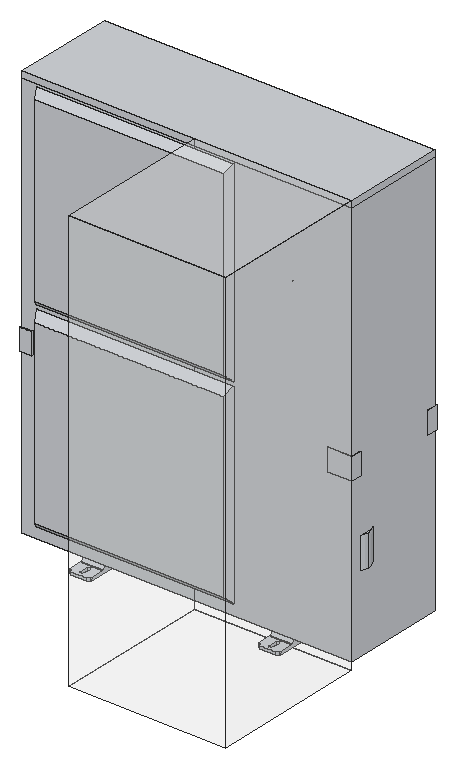
Revit family "pumy-fmp80km3_280hm3_60hz", category 機械設備, Revit 2019
Family settings
  丸型コネクタ寸法 = 直径を使用
  パーツ タイプ = 標準
  OmniClass 番号 = 23.75.10.24.21.27.27
  OmniClass タイトル = Split System Air Conditioning Units
  作業面ベース = いいえ
  常に垂直 = はい
  ロード時にボイドで切り取り = いいえ
  共有 = いいえ
  部屋計算ポイント = いいえ
Parameters (values of type "PUMY-FMP224HM3")
  風量 (㎥/min) = 130
  風量 = [風量 (㎥/min)] * 60.0 m³/h  # 7800.0 m³/h
  音響パワーレベル_暖房 (dB) = 80
  音響パワーレベル_冷房 (dB) = 80
  音響パワーレベル(dB) = [音響パワーレベル_暖房 (dB)]  # 80
  電源種別 = ""
  電源位置Y = 2 mm
  電源位置Z = 1051 mm
  電源位置X = 325 mm
  電圧 = 200 V
  電動機出力_送風機 = 0.3 kW
  電動機出力_圧縮機 = 4.09 kW
  集中コントローラ [instance] = ""
  運転質量 = 0.00 kg
  運転方法 = "冷暖切替"
  質量 = if(製品質量 > 運転質量, 製品質量, 運転質量) * 1.2  # 147.60 kg
  負荷分類 = 1_熱源類
  説明 = "店舗・事務所用マルチＦiｔマルチシリーズ室外機"
  設計暖房能力 [instance] = 0 kW
  設計冷房能力_顕熱 [instance] = 0 kW
  設計冷房能力 [instance] = 0 kW
  設置方法 = "床置形"
  記号 [instance] = ""
  製造元 = "三菱電機株式会社"
  製品質量 = 123.00 kg
  製品出荷対象 = "国内"
  製品リリース年月 = "2026/03/31"
  製品グループ = ""
  系統 [instance] = ""
  符号 = "PAC"
  積算_科目 = "1 空気調和設備"
  積算_拾い区分 [instance] = ""
  相 = 3
  盤記号 [instance] = ""
  発停方法 = "別売リモコン"
  特殊仕様 [instance] = ""
  消費電力_暖房 = 4.98 kW
  消費電力_冷房 = 5.64 kW
  消費電力 = if(消費電力_冷房 > 消費電力_暖房, 消費電力_冷房, 消費電力_暖房)  # 5.64 kW
  法定耐用年数 = "6"
  構成品番 = ""
  極数 = 3
  材質 [instance] = ""
  本体マテリアル = none
  最小電線太さ_mm2 = 8
  最大電流値 = 36 A
  暖房能力 = 22.4 kW
  推奨ブレーカー容量 = 40 A
  据付ピッチ1 = 0 mm
  形式 = "パッケージ形 屋外機"
  形名 = PUMY-FMP-2 : PUMY-FMP-2
  幹線記号 [instance] = ""
  始動方式 = "インバータ"
  呼称 = "パッケージ形空気調和機_屋外機"
  周波数 = 60 Hz
  冷媒管（液）位置Z = 450 mm
  冷媒管位置Z_上面 = 373 mm
  冷媒管（ガス）位置Z = 393 mm
  冷媒液管_半径 = (冷媒液管径) / 2  # 4.76 mm
  冷媒ガス管_半径 = (冷媒ガス管径) / 2  # 11.1 mm
  価格 = 0
  ドレン　位置Z = 19 mm
  ドレン　位置Y = 125 mm
  ドレン　位置X = 110 mm
  アンカーボルト位置Y = 370 mm
  アンカーボルト位置X = 600 mm
  参照している仕様書等のバージョン = "公共建築物標準仕様書（機械設備工事編）平成31年度版"
  分類コード = "5.0053E+13"
  分類グループ = ""
  冷房能力 = 20 kW
  冷媒管（ガス）位置X = 483 mm
  冷媒管（液）位置X = 422 mm
  冷媒管（液）位置Y = 125 mm
  冷媒管（ガス）位置Y = 109 mm
  冷媒管長 [instance] = 0 mm
  冷媒管径符号 = "Bf"
  冷媒管径 = 100.00 mm
  冷媒管位置Z = 273 mm
  冷媒管位置Y = 109 mm
  冷媒管位置X = 483 mm
  冷媒液管径 = 9.52 mm
  冷媒ガス管径 = 22.20 mm
  企業コード = "108420"
  付属品 [instance] = ""
  ユニット数 = 1
  ユニット3 = no
  ユニット2 = no
  モデル = "PUMY-FMP224HM3"
  ドレン管径 = 33.00 mm
  サービススペース = yes
  コメント [instance] = ""
  ケーブル種類1 = ""
  【値が 0 の項目は組合せ形名にてご確認ください】 = ""
  Width = 1050 mm
  Version = ""
  Uniclass2015Version = "Systems v1.9"
  Uniclass2015Title = "Split coil remote air cooled condensing units"
  Uniclass2015Code = "Pr_70_65_03_84"
  URL = "https://www.mitsubishielectric.co.jp/ldg/wink/qr/002/357211/"
  SpecificationReference = ""
  SpecificationDescription = ""
  Revision = ""
  ProductInformation = ""
  OmniClassCode = "23-33 17 13 11"
  IfcTypeProduct = ""
  IfcProduct = ""
  IfcExportType = "AIRCONDITIONINGUNIT"
  IfcExportAs = "IfcUnitaryEquipmentType"
  Height = 1338 mm
  Depth = 330 mm
  Clearance Top = 0 mm
  Clearance Right = 0 mm
  Clearance Left = 0 mm
  Clearance Front = 500 mm
  Clearance Bottom = 0 mm
  Clearance Back = 0 mm
  COP_暖房 = 4.49
  COP_冷房 = 3.54
  COP = (COP_冷房 + COP_暖房) / 2  # 4.015
  BLCJ仕様バージョン = "2.0"
  Author = "三菱電機株式会社"
  APF = 0
Reference planes
  plane 1 "中心(正面/背面)": y = 74
  plane 2: z = 0
  plane 3 "中心(左/右)": x = 830
  plane 4 "右": x = 1355
  plane 5 "左": x = 305
  plane 6 "背面": y = 239
  plane 7 "正面": y = -91
  plane 8 "上部": z = 1338
  plane 9 "Clearanse Top": z = 1338
  plane 10 "SS_back": y = 239
  plane 11 "SS_front": y = -591
  plane 12 "SS_left": x = 305
  plane 13 "SS_right": x = 1355
  plane 14: z = 0
  plane 15: y = -89
  plane 16: x = 1155
  plane 17: z = 1051
  plane 18: x = 1313
  plane 19: z = 26
  plane 20: z = 19
  plane 21: x = 530
  plane 22: x = 1130
  plane 23: y = 254.4
  plane 24: y = -115.6
  plane 25 "ガス管": z = 393
  plane 26 "液管": z = 450
  plane 27: y = -51
  plane 28: y = -35
  plane 29 "冷媒管": z = 273
  plane 30: y = -35
  plane 31: z = 373
  plane 32: x = 1313
  plane 33: x = 1252
  plane 34: x = 460
  plane 35: x = 620
  plane 36: x = 780
  plane 37: y = 199
  plane 38: x = 940
  plane 39: y = 199
  plane 40: x = 350
Forms (mm)
  Extrusion 1, solid, detail levels fine
    sketch origin (0, -91, 0) x (1, 0, 0) y (0, 0, 1)
      loop
        circle (1155, 1051) r 13.5
    from -12 to -2
  Extrusion 2, solid, detail levels fine
    sketch origin (-1437.329, -1524, 54) x (-1, 0, 0) y (0, -1, 0)
      loop
        circle (-1787.329, -1587) r 16.5
      loop
        circle (-1897.329, -1723) r 16.5
      loop
        circle (-2057.329, -1723) r 16.5
      loop
        circle (-2217.329, -1723) r 16.5
      loop
        circle (-2377.329, -1723) r 16.5
    from -35 to -28
  Extrusion 3, solid, detail levels fine
    sketch origin (0, 0, 273) x (-1, 0, 0) y (0, -1, 0)
      loop
        circle (-1313, 35) r 50
    from 0 to 100
Dimensions and locks
  "Depth": plane 7 "正面" to plane 6 "背面"
  "Width": plane 5 "左" to plane 4 "右"
  equal spacing: plane 5 "左", plane 3 "中心(左/右)", plane 4 "右"
  "Clearance Left": plane 12 "SS_left" to plane 5 "左"
  "Clearance Right": plane 4 "右" to plane 13 "SS_right"
  "Clearance Back": plane 6 "背面" to plane 10 "SS_back"
  "Clearance Front": plane 11 "SS_front" to plane 7 "正面"
  "Height": plane 8 "上部" to level
  "Clearance Top": plane 9 "Clearanse Top" to plane 8 "上部"
  "Clearance Bottom": level to plane 14
  "電源位置X": plane 3 "中心(左/右)" to plane 16
  "電源位置Y": plane 7 "正面" to plane 15
  "電源位置Z": plane 17 to level
  "冷媒管位置X": plane 3 "中心(左/右)" to plane 18
  "アンカーボルト位置Y": plane 24 to plane 23
  equal spacing: plane 21, plane 3 "中心(左/右)", plane 22
  "アンカーボルト位置X": plane 21 to plane 22
  plane 5 "左" to plane 21 = 225 mm
  plane 7 "正面" to plane 27 = 40 mm
  plane 7 "正面" to plane 28 = 56 mm
  "冷媒管（ガス）位置Y": plane 28 to plane 1 "中心(正面/背面)"
  "冷媒管（液）位置Y": plane 27 to plane 1 "中心(正面/背面)"
  "冷媒管（ガス）位置Z": plane 25 "ガス管" to level
  "冷媒管（液）位置Z": plane 26 "液管" to level
  "冷媒管位置Z": plane 29 "冷媒管" to level
  "冷媒管位置Y": plane 30 to plane 1 "中心(正面/背面)"
  "冷媒管位置Z_上面": plane 31 to level
  plane 19 to level = 26 mm
  "冷媒管（ガス）位置X": plane 3 "中心(左/右)" to plane 32
  "冷媒管（液）位置X": plane 3 "中心(左/右)" to plane 33
  "ドレン　位置Z": plane 20 to level
  plane 34 to plane 35 to plane 36 = 160 mm locked, 160 mm locked
  "ドレン　位置X": plane 3 "中心(左/右)" to plane 38
  "ドレン　位置Y": plane 1 "中心(正面/背面)" to plane 39
  "ドレン　位置Y": plane 1 "中心(正面/背面)" to plane 37
  locked: Extrusion 2 sketch curve to plane 37 at 136
  locked: plane 40 to plane 34 at 110
  locked: plane 36 to plane 38 at 160
  plane 32 to nested 1 = 42 mm
  plane 33 to plane 32 = 61 mm
  radius of Extrusion 1 sketch curve = 13.5 mm
  "ドレン管径": diameter of Extrusion 2 sketch curve  (x5)
  "冷媒管径": diameter of Extrusion 3 sketch curve
  aligned and locked: level to plane 2
  aligned and locked: plane 13 "SS_right" to nested 1
  aligned and locked: nested 1 to plane 13 "SS_right"
  aligned and locked: plane 11 "SS_front" to nested 1
  aligned and locked: plane 9 "Clearanse Top" to nested 1
  aligned and locked: plane 14 to nested 1
  aligned and locked: plane 17 to Extrusion 1 sketch curve
  aligned and locked: plane 16 to Extrusion 1 sketch curve
  aligned and locked: plane 15 to Extrusion 1
  aligned and locked: plane 19 to Extrusion 2
  aligned and locked: Extrusion 2 to plane 20
  aligned and locked: plane 21 to nested 2
  aligned and locked: plane 23 to nested 2
  aligned and locked: Extrusion 3 to plane 29 "冷媒管"
  aligned and locked: plane 31 to Extrusion 3
  aligned and locked: plane 1 "中心(正面/背面)" to nested 3
  aligned and locked: plane 3 "中心(左/右)" to nested 3
  aligned and locked: plane 18 to Extrusion 3 sketch curve
  aligned and locked: plane 30 to Extrusion 3 sketch curve
  aligned and locked: plane 7 "正面" to nested 1
  aligned and locked: plane 34 to Extrusion 2 sketch curve
  aligned and locked: plane 35 to Extrusion 2 sketch curve
  aligned and locked: plane 36 to Extrusion 2 sketch curve
  aligned and locked: plane 37 to Extrusion 2 sketch curve  (x4)
  aligned and locked: plane 40 to Extrusion 2 sketch curve
  aligned and locked: plane 38 to Extrusion 2 sketch curve
Nested families
  nested 1: "サービススペース" at (1105, -341, 669), visible <- "サービススペース", type "サービススペース"
    with Width 500 mm, Height 1338 mm, Depth 500 mm
  nested 2: "固定点" at (530, -115.6, 0), type "固定点"
    with W 600 mm, D 370 mm
  nested 3: "PUMY-FMP-2" at (830, 74, 0), type <- "形名", type "PUMY-FMP-2"
    with 表示 yes, W 1050 mm, H 1338 mm, D 330 mm
Connectors
  electrical at (1155, -89, 1051), driven by "極数", driven by "負荷分類", driven by "電圧", driven by "消費電力"
    settings: on Extrusion 1, index 2, voltage 200 V, apparent load 5640 VA, apparent load phase1 0 VA, apparent load phase2 0 VA, apparent load phase3 0 VA, power factor 1, load classification "1_熱源類", number of poles 3, system type 30, power factor state 1, is connector primary yes, connector utility no, sub classification motor no, connector description ""
  piping at (1313, -35, 273), diameter 100, driven by "冷媒管径"
    settings: on Extrusion 3, index 3, connector inside diameter 609.60 mm, connector length 0 mm, flow factor 0, pipe flow 0.0 L/s, pressure drop 0.0 Pa, fitting loss kfactor 0, connector angle 0.00°, fixture units 0, engagement length 0 mm, angle of deflection 0.00°, flow configuration 1, flow direction 2, fitting loss method 4, system type 7, joint type 0, gender type 0, connector reference index -1, connector utility 0, adjustable connector no, is connector primary yes, connector description "Bd"
Definition of nested family "サービススペース"
  Parameters (values of type "サービススペース")
    Width [instance] = 500 mm
    Height [instance] = 500 mm
    Depth [instance] = 500 mm
  Reference planes
    plane 1 "中心(正面/背面)": y = 0
    plane 2: z = 0
    plane 3 "中心(左/右)": x = 0
    plane 4: y = -250
    plane 5: x = 250
    plane 6: y = 250
    plane 7: x = -250
    plane 8: z = 250
    plane 9: z = -250
  Forms (mm)
    Extrusion 1, solid
      sketch origin (-638.939, 0, 72.39) x (1, 0, 0) y (0, 1, 0)
        loop
          line (388.939, 250) -> (388.939, -250) -> (888.939, -250) -> (888.939, 250) -> (388.939, 250)
      from -322.39 to 177.61
  Lines and regions (mm)
    symbolic lines
      curve 1: line (-250, 0, 250) -> (250, 0, 250)
      curve 2: line (-250, 0, -250) -> (-250, 0, 250)
      curve 3: line (250, 0, -250) -> (-250, 0, -250)
      curve 4: line (250, 0, 250) -> (250, 0, -250)
      curve 5: line (0, -250, 250) -> (0, 250, 250)
      curve 6: line (0, -250, -250) -> (0, -250, 250)
      curve 7: line (0, 250, -250) -> (0, -250, -250)
      curve 8: line (0, 250, 250) -> (0, 250, -250)
      curve 9: line (-250, 250, 0) -> (250, 250, 0)
      curve 10: line (-250, -250, 0) -> (-250, 250, 0)
      curve 11: line (250, -250, 0) -> (-250, -250, 0)
      curve 12: line (250, 250, 0) -> (250, -250, 0)
  Dimensions and locks
    equal spacing: plane 7, plane 3 "中心(左/右)", plane 5
    equal spacing: plane 4, plane 1 "中心(正面/背面)", plane 6
    "Depth": plane 4 to plane 6
    "Width": plane 7 to plane 5
    equal spacing: plane 8, plane 2, plane 9
    "Height": plane 8 to plane 9
    aligned and locked: plane 9 to curve 3
    aligned and locked: plane 7 to curve 2
    aligned and locked: curve 4 to plane 5
    aligned and locked: plane 5 to Extrusion 1
    aligned and locked: Extrusion 1 to plane 7
    aligned and locked: Extrusion 1 to plane 9
    aligned and locked: plane 8 to Extrusion 1
    aligned and locked: plane 9 to curve 7
  Automatic sketch dimensions
    plane 4 to Extrusion 1 sketch curve = 0 mm
    Extrusion 1 sketch curve to plane 7 = 0 mm
    Extrusion 1 sketch curve to plane 5 = 0 mm
    plane 6 to Extrusion 1 sketch curve = 0 mm
    curve 2 to plane 8 = 0 mm
    plane 4 to curve 11 = 0 mm
    curve 11 to plane 7 = 0 mm
    curve 11 to plane 5 = 0 mm
    plane 6 to curve 10 = 0 mm
    curve 7 to plane 4 = 0 mm
    curve 7 to plane 6 = 0 mm
    curve 6 to plane 8 = 0 mm
Definition of nested family "PUMY-FMP-2"
  Parameters (values of type "PUMY-FMP-2")
    H [instance] = 1338 mm  # constant formula
    D [instance] = 330 mm  # constant formula
    マテリアル = none
    表示 [instance] = yes
    W [instance] = 1050 mm  # constant formula
  Reference planes
    plane 1 "中心(正面/背面)": y = 0
    plane 2: z = 0
    plane 3 "中心(左/右)": x = 0
    plane 4: x = 0
    plane 5: z = 1338
    plane 6: x = -525
    plane 7: x = 525
    plane 8: y = 165
    plane 9: y = -165
    plane 10: y = -190
    plane 11: z = 1318
    plane 12: z = 26
  Forms (mm)
    Extrusion 1, solid, material <- "マテリアル", visible <- "表示", detail levels fine
      sketch origin (-1437.329, -1524, 630) x (-1, 0, 0) y (0, -1, 0)
        loop
          line (-1962.329, -1689) -> (-912.329, -1689) -> (-912.329, -1359) -> (-1962.329, -1359) -> (-1962.329, -1689)
      from -604 to 688
    Extrusion 2, solid, material <- "マテリアル", visible <- "表示", detail levels fine
      sketch origin (-1437.329, -1524, 1190) x (-1, 0, 0) y (0, -1, 0)
        loop
          line (-912.329, -1689) -> (-912.329, -1359) -> (-1962.329, -1359) -> (-1962.329, -1689) -> (-912.329, -1689)
      from 128 to 148
    Blend 3, solid, material <- "マテリアル", visible <- "表示", detail levels fine
      base sketch origin (0, 0, 0) x (1, 0, 0) y (0, 0, 1)
        loop
          line (-474.702, 679.454) -> (-474.702, 59.346) -> (148.7, 59.346) -> (148.7, 679.454) -> (-474.702, 679.454)
      top sketch origin (0, 0, 0) x (1, 0, 0) y (0, 0, 1)
        loop
          line (-462.801, 655.9) -> (-462.801, 82.9) -> (136.799, 82.9) -> (136.799, 655.9) -> (-462.801, 655.9)
      from 165 to 190
    Extrusion 4, solid, visible <- "表示", detail levels fine
      sketch origin (-609, 1296.25, 1200) x (0, 1, 0) y (0, 0, 1)
        loop
          line (-1131.716, -1190.1) -> (-1139.978, -1175.791) -> (-1138.943, -1174) -> (-1453.558, -1174) -> (-1452.123, -1176.484) -> (-1459.984, -1190.1)
          arc (-1459.984, -1190.1) -> (-1461.082, -1191.198) -> (-1462.582, -1191.6) r 3
          line (-1462.582, -1191.6) -> (-1462.582, -1200) -> (-1129.118, -1200) -> (-1129.118, -1191.6)
          arc (-1129.118, -1191.6) -> (-1130.618, -1191.198) -> (-1131.716, -1190.1) r 3
      from 274 to 344
    Extrusion 5, solid, material <- "マテリアル", visible <- "表示", detail levels fine
      sketch origin (-1437.329, -1524, 630) x (-1, 0, 0) y (0, -1, 0)
        loop
          line (-965.318, -1689) -> (-1679.923, -1689) -> (-1671.307, -1703.923) -> (-973.933, -1703.923) -> (-965.318, -1689)
      from -387.743 to 677.843
    Extrusion 6, solid, material <- "マテリアル", visible <- "表示", detail levels fine
      sketch origin (-1437.329, -1524, 690.85) x (-1, 0, 0) y (0, -1, 0)
        loop
          line (-909.529, -1691.8) -> (-909.529, -1614.8) -> (-912.329, -1614.8) -> (-912.329, -1689) -> (-947.329, -1689) -> (-947.329, -1691.8) -> (-909.529, -1691.8)
        loop
          line (-909.529, -1356.2) -> (-947.329, -1356.2) -> (-947.329, -1359) -> (-912.329, -1359) -> (-912.329, -1433.2) -> (-909.529, -1433.2) -> (-909.529, -1356.2)
        loop
          line (-1965.129, -1691.8) -> (-1886.229, -1691.8) -> (-1886.229, -1689) -> (-1962.329, -1689) -> (-1962.329, -1656.8) -> (-1965.129, -1656.8) -> (-1965.129, -1691.8)
        loop
          line (-1965.129, -1356.2) -> (-1965.129, -1391.2) -> (-1962.329, -1391.2) -> (-1962.329, -1359) -> (-1886.229, -1359) -> (-1886.229, -1356.2) -> (-1965.129, -1356.2)
      from -148.45 to -79.45
    Blend 7, solid, material <- "マテリアル", visible <- "表示", detail levels fine
      base sketch origin (0, 0, 632.4) x (1, 0, 0) y (0, 0, 1)
        loop
          line (-474.702, 679.454) -> (-474.702, 59.346) -> (148.7, 59.346) -> (148.7, 679.454) -> (-474.702, 679.454)
      top sketch origin (0, 0, 632.4) x (1, 0, 0) y (0, 0, 1)
        loop
          line (-462.801, 655.9) -> (-462.801, 82.9) -> (136.799, 82.9) -> (136.799, 655.9) -> (-462.801, 655.9)
      from 165 to 190
    Extrusion 8, solid, visible <- "表示", detail levels fine
      sketch origin (181, -1524, 207) x (-1, 0, 0) y (0, -1, 0)
        loop
          line (-84, -1357.668) -> (-84, -1314.4)
          arc (-84, -1314.4) -> (-84.879, -1312.279) -> (-87, -1311.4) r 3
          line (-87, -1311.4) -> (-89, -1311.4)
          arc (-89, -1311.4) -> (-90.464, -1307.864) -> (-94, -1306.4) r 5
          line (-94, -1306.4) -> (-144, -1306.4)
          arc (-144, -1306.4) -> (-147.536, -1307.864) -> (-149, -1311.4) r 5
          line (-149, -1311.4) -> (-151, -1311.4)
          arc (-151, -1311.4) -> (-153.121, -1312.279) -> (-154, -1314.4) r 3
          line (-154, -1314.4) -> (-154, -1357.668) -> (-84, -1357.668)
        loop
          arc (-125, -1344.4) -> (-119, -1350.4) -> (-113, -1344.4) r 6
          line (-113, -1344.4) -> (-113, -1320.4)
          arc (-113, -1320.4) -> (-119, -1314.4) -> (-125, -1320.4) r 6
          line (-125, -1320.4) -> (-125, -1344.4)
        loop
          line (516, -1357.668) -> (516, -1314.4)
          arc (516, -1314.4) -> (515.121, -1312.279) -> (513, -1311.4) r 3
          line (513, -1311.4) -> (511, -1311.4)
          arc (511, -1311.4) -> (509.536, -1307.864) -> (506, -1306.4) r 5
          line (506, -1306.4) -> (456, -1306.4)
          arc (456, -1306.4) -> (452.464, -1307.864) -> (451, -1311.4) r 5
          line (451, -1311.4) -> (449, -1311.4)
          arc (449, -1311.4) -> (446.879, -1312.279) -> (446, -1314.4) r 3
          line (446, -1314.4) -> (446, -1357.668) -> (516, -1357.668)
        loop
          arc (475, -1344.4) -> (481, -1350.4) -> (487, -1344.4) r 6
          line (487, -1344.4) -> (487, -1320.4)
          arc (487, -1320.4) -> (481, -1314.4) -> (475, -1320.4) r 6
          line (475, -1320.4) -> (475, -1344.4)
        loop
          line (-84, -1691.132) -> (-154, -1691.132) -> (-154, -1715.4)
          arc (-154, -1715.4) -> (-153.121, -1717.521) -> (-151, -1718.4) r 3
          line (-151, -1718.4) -> (-149, -1718.4)
          arc (-149, -1718.4) -> (-147.536, -1721.936) -> (-144, -1723.4) r 5
          line (-144, -1723.4) -> (-130, -1723.4)
          arc (-130, -1723.4) -> (-126.464, -1721.936) -> (-125, -1718.4) r 5
          line (-125, -1718.4) -> (-125, -1704.4)
          arc (-125, -1704.4) -> (-119, -1698.4) -> (-113, -1704.4) r 6
          line (-113, -1704.4) -> (-113, -1718.4)
          arc (-113, -1718.4) -> (-111.536, -1721.936) -> (-108, -1723.4) r 5
          line (-108, -1723.4) -> (-94, -1723.4)
          arc (-94, -1723.4) -> (-90.464, -1721.936) -> (-89, -1718.4) r 5
          line (-89, -1718.4) -> (-87, -1718.4)
          arc (-87, -1718.4) -> (-84.879, -1717.521) -> (-84, -1715.4) r 3
          line (-84, -1715.4) -> (-84, -1691.132)
        loop
          line (516, -1691.132) -> (446, -1691.132) -> (446, -1715.4)
          arc (446, -1715.4) -> (446.879, -1717.521) -> (449, -1718.4) r 3
          line (449, -1718.4) -> (451, -1718.4)
          arc (451, -1718.4) -> (452.464, -1721.936) -> (456, -1723.4) r 5
          line (456, -1723.4) -> (470, -1723.4)
          arc (470, -1723.4) -> (473.536, -1721.936) -> (475, -1718.4) r 5
          line (475, -1718.4) -> (475, -1704.4)
          arc (475, -1704.4) -> (481, -1698.4) -> (487, -1704.4) r 6
          line (487, -1704.4) -> (487, -1718.4)
          arc (487, -1718.4) -> (488.464, -1721.936) -> (492, -1723.4) r 5
          line (492, -1723.4) -> (506, -1723.4)
          arc (506, -1723.4) -> (509.536, -1721.936) -> (511, -1718.4) r 5
          line (511, -1718.4) -> (513, -1718.4)
          arc (513, -1718.4) -> (515.121, -1717.521) -> (516, -1715.4) r 3
          line (516, -1715.4) -> (516, -1691.132)
      from -207 to -198.6
    Extrusion 9, solid, visible <- "表示", detail levels fine
      sketch origin (-9, 1296.25, 1200) x (0, 1, 0) y (0, 0, 1)
        loop
          line (-1131.716, -1190.1) -> (-1139.978, -1175.791) -> (-1138.943, -1174) -> (-1453.558, -1174) -> (-1452.123, -1176.484) -> (-1459.984, -1190.1)
          arc (-1459.984, -1190.1) -> (-1461.082, -1191.198) -> (-1462.582, -1191.6) r 3
          line (-1462.582, -1191.6) -> (-1462.582, -1200) -> (-1129.118, -1200) -> (-1129.118, -1191.6)
          arc (-1129.118, -1191.6) -> (-1130.618, -1191.198) -> (-1131.716, -1190.1) r 3
      from 274 to 344
  Cuts and joins
    joined: Extrusion 1, Extrusion 6
    joined: Extrusion 4, Extrusion 8, Extrusion 9
  Lines and regions (mm)
    Masking region 1, visible <- "表示", detail levels coarse+medium
      outline origin (0, 0, 0) x (1, 0, 0) y (0, 1, 0)
        loop
          line (525, 165) -> (335, 165) -> (335, 199.4) -> (265, 199.4) -> (265, 165) -> (242.594, 165) -> (233.978, 179.923) -> (-265, 179.923) -> (-265, 199.4) -> (-335, 199.4) -> (-335, 179.923) -> (-463.396, 179.923) -> (-472.012, 165) -> (-525, 165) -> (-525, -165) -> (-474.702, -165) -> (-462.801, -190) -> (-335, -190) -> (-335, -217.6) -> (-265, -217.6) -> (-265, -190) -> (136.799, -190) -> (148.7, -165) -> (265, -165) -> (265, -217.6) -> (335, -217.6) -> (335, -165) -> (525, -165) -> (525, 165)
    model lines, visible <- "表示", detail levels fine
      curve 1: line (480.3, 131.243, 1338) -> (-479.7, 131.243, 1338)
      curve 2: line (480.3, 48.757, 1338) -> (-479.7, 48.757, 1338)
      curve 3: line (-495.943, 115, 1338) -> (-495.943, 65, 1338)
      curve 4: line (496.543, 65, 1338) -> (496.543, 115, 1338)
      curve 5: line (-462.801, -190, 367.906) -> (136.799, -190, 367.906)
      curve 6: line (-190.601, -190, 655.9) -> (-190.601, -190, 82.9)
      curve 15: arc (-479.7, 131.243, 1338) -> (-491.185, 126.485, 1338) -> (-495.943, 115, 1338) r 16.243
      curve 16: arc (-495.943, 65, 1338) -> (-491.185, 53.515, 1338) -> (-479.7, 48.757, 1338) r 16.243
      curve 17: arc (496.543, 115, 1338) -> (491.785, 126.485, 1338) -> (480.3, 131.243, 1338) r 16.243
      curve 18: arc (496.543, 65, 1338) -> (491.785, 53.515, 1338) -> (480.3, 48.757, 1338) r 16.243
      curve 19: line (480.3, 41.243, 1338) -> (-479.7, 41.243, 1338)
      curve 20: line (480.3, -41.243, 1338) -> (-479.7, -41.243, 1338)
      curve 21: line (-495.943, 25, 1338) -> (-495.943, -25, 1338)
      curve 22: line (496.543, -25, 1338) -> (496.543, 25, 1338)
      curve 31: arc (-479.7, 41.243, 1338) -> (-491.185, 36.485, 1338) -> (-495.943, 25, 1338) r 16.243
      curve 32: arc (-495.943, -25, 1338) -> (-491.185, -36.485, 1338) -> (-479.7, -41.243, 1338) r 16.243
      curve 33: arc (496.543, 25, 1338) -> (491.785, 36.485, 1338) -> (480.3, 41.243, 1338) r 16.243
      curve 34: arc (496.543, -25, 1338) -> (491.785, -36.485, 1338) -> (480.3, -41.243, 1338) r 16.243
      curve 35: line (480.3, -48.757, 1338) -> (-479.7, -48.757, 1338)
      curve 36: line (480.3, -131.243, 1338) -> (-479.7, -131.243, 1338)
      curve 37: line (-495.943, -65, 1338) -> (-495.943, -115, 1338)
      curve 38: line (496.543, -115, 1338) -> (496.543, -65, 1338)
      curve 47: arc (-479.7, -48.757, 1338) -> (-491.185, -53.515, 1338) -> (-495.943, -65, 1338) r 16.243
      curve 48: arc (-495.943, -115, 1338) -> (-491.185, -126.485, 1338) -> (-479.7, -131.243, 1338) r 16.243
      curve 49: arc (496.543, -65, 1338) -> (491.785, -53.515, 1338) -> (480.3, -48.757, 1338) r 16.243
      curve 50: arc (496.543, -115, 1338) -> (491.785, -126.485, 1338) -> (480.3, -131.243, 1338) r 16.243
      curve 51: line (-462.801, -190, 462.9) -> (136.799, -190, 462.9)
      curve 52: line (-462.801, -190, 557.9) -> (136.799, -190, 557.9)
      curve 53: line (-462.801, -190, 272.9) -> (136.799, -190, 272.9)
      curve 54: line (-462.801, -190, 177.906) -> (136.799, -190, 177.906)
      curve 55: line (-179.201, -190, 655.9) -> (-179.201, -190, 82.9)
      curve 56: line (-167.801, -190, 655.9) -> (-167.801, -190, 82.9)
      curve 57: line (-156.401, -190, 655.9) -> (-156.401, -190, 82.9)
      curve 58: line (-145.001, -190, 655.9) -> (-145.001, -190, 82.9)
      curve 59: line (-133.601, -190, 655.9) -> (-133.601, -190, 82.9)
      curve 60: line (-122.201, -190, 655.9) -> (-122.201, -190, 82.9)
      curve 61: line (-110.801, -190, 655.9) -> (-110.801, -190, 82.9)
      curve 62: line (-99.401, -190, 655.9) -> (-99.401, -190, 82.9)
      curve 63: line (-88.001, -190, 655.9) -> (-88.001, -190, 82.9)
      curve 64: line (-76.601, -190, 655.9) -> (-76.601, -190, 82.9)
      curve 65: line (-65.201, -190, 655.9) -> (-65.201, -190, 82.9)
      curve 66: line (-53.801, -190, 655.9) -> (-53.801, -190, 82.9)
      curve 67: line (-42.401, -190, 655.9) -> (-42.401, -190, 82.9)
      curve 68: line (-31.001, -190, 655.9) -> (-31.001, -190, 82.9)
      curve 69: line (-19.601, -190, 655.9) -> (-19.601, -190, 82.9)
      curve 70: line (-8.201, -190, 655.9) -> (-8.201, -190, 82.9)
      curve 71: line (3.199, -190, 655.9) -> (3.199, -190, 82.9)
      curve 72: line (14.599, -190, 655.9) -> (14.599, -190, 82.9)
      curve 73: line (25.999, -190, 655.9) -> (25.999, -190, 82.9)
      curve 74: line (37.399, -190, 655.9) -> (37.399, -190, 82.9)
      curve 75: line (48.799, -190, 655.9) -> (48.799, -190, 82.9)
      curve 76: line (60.199, -190, 655.9) -> (60.199, -190, 82.9)
      curve 77: line (-202.001, -190, 655.9) -> (-202.001, -190, 82.9)
      curve 78: line (-213.401, -190, 655.9) -> (-213.401, -190, 82.9)
      curve 79: line (-224.801, -190, 655.9) -> (-224.801, -190, 82.9)
      curve 80: line (-236.201, -190, 655.9) -> (-236.201, -190, 82.9)
      curve 81: line (-247.601, -190, 655.9) -> (-247.601, -190, 82.9)
      curve 82: line (-259.001, -190, 655.9) -> (-259.001, -190, 82.9)
      curve 83: line (-270.401, -190, 655.9) -> (-270.401, -190, 82.9)
      curve 84: line (-281.801, -190, 655.9) -> (-281.801, -190, 82.9)
      curve 85: line (-293.201, -190, 655.9) -> (-293.201, -190, 82.9)
      curve 86: line (-304.601, -190, 655.9) -> (-304.601, -190, 82.9)
      curve 87: line (-316.001, -190, 655.9) -> (-316.001, -190, 82.9)
      curve 88: line (-327.401, -190, 655.9) -> (-327.401, -190, 82.9)
      curve 89: line (-338.801, -190, 655.9) -> (-338.801, -190, 82.9)
      curve 90: line (-350.201, -190, 655.9) -> (-350.201, -190, 82.9)
      curve 91: line (-361.601, -190, 655.9) -> (-361.601, -190, 82.9)
      curve 92: line (-373.001, -190, 655.9) -> (-373.001, -190, 82.9)
      curve 93: line (-384.401, -190, 655.9) -> (-384.401, -190, 82.9)
      curve 94: line (-395.801, -190, 655.9) -> (-395.801, -190, 82.9)
      curve 95: line (-407.201, -190, 655.9) -> (-407.201, -190, 82.9)
      curve 96: line (-418.601, -190, 655.9) -> (-418.601, -190, 82.9)
      curve 97: line (-430.001, -190, 655.9) -> (-430.001, -190, 82.9)
      curve 98: line (-439.001, -190, 655.9) -> (-439.001, -190, 82.9)
      curve 99: line (-448.001, -190, 655.9) -> (-448.001, -190, 82.9)
      curve 100: line (-457.001, -190, 655.9) -> (-457.001, -190, 82.9)
      curve 101: line (166, -165, 26) -> (166, -165, 1318)
      curve 102: line (166, -165, 184) -> (525, -165, 184)
      curve 103: line (166, -165, 207) -> (525, -165, 207)
      curve 104: line (-525, -47, 93) -> (-525, -35, 93)
      curve 105: line (-525, -35, 288) -> (-525, -47, 288)
      curve 106: line (-525, -24, 104) -> (-525, -24, 277)
      curve 107: line (-525, -58, 104) -> (-525, -58, 277)
      curve 108: arc (-525, -35, 93) -> (-525, -27.222, 96.222) -> (-525, -24, 104) r 11
      curve 109: arc (-525, -58, 104) -> (-525, -54.778, 96.222) -> (-525, -47, 93) r 11
      curve 110: arc (-525, -24, 277) -> (-525, -27.222, 284.778) -> (-525, -35, 288) r 11
      curve 111: arc (-525, -47, 288) -> (-525, -54.778, 284.778) -> (-525, -58, 277) r 11
      curve 112: line (525, 77.328, 256.4) -> (525, 5.672, 256.4)
      curve 113: line (525, 5.672, 256.4) -> (525, 5.672, 269.961)
      curve 114: line (525, 8.672, 272.961) -> (525, 74.328, 272.961)
      curve 115: line (525, 77.328, 269.961) -> (525, 77.328, 256.4)
      curve 116: arc (525, 5.672, 269.961) -> (525, 6.55, 272.083) -> (525, 8.672, 272.961) r 3
      curve 117: arc (525, 74.328, 272.961) -> (525, 76.45, 272.083) -> (525, 77.328, 269.961) r 3
      curve 118: line (525, 165, 207) -> (525, -165, 207)
      curve 119: line (525, 165, 184) -> (525, -165, 184)
      curve 120: line (525, -12, 1318) -> (525, -12, 26)
      curve 121: arc (525, 20.214, 158.65) -> (525, 8.3, 170.564) -> (525, -3.614, 158.65) r 11.914
      curve 122: line (525, -3.614, 158.65) -> (525, -3.614, 48.65)
      curve 123: arc (525, -3.614, 48.65) -> (525, 8.3, 36.736) -> (525, 20.214, 48.65) r 11.914
      curve 124: line (525, 20.214, 48.65) -> (525, 20.214, 158.65)
      curve 125: line (-463.396, 179.923, 775.05) -> (233.978, 179.923, 775.05)
      curve 126: arc (316, 165, 242.257) -> (308.05, 165, 245.55) -> (304.757, 165, 253.5) r 11.243
      curve 127: line (304.757, 165, 253.5) -> (304.757, 165, 1296.6)
      curve 128: arc (304.757, 165, 1296.6) -> (308.05, 165, 1304.55) -> (316, 165, 1307.843) r 11.243
      curve 129: line (316, 165, 1307.843) -> (354, 165, 1307.843)
      curve 130: arc (354, 165, 1307.843) -> (361.95, 165, 1304.55) -> (365.243, 165, 1296.6) r 11.243
      curve 131: line (365.243, 165, 1296.6) -> (365.243, 165, 253.5)
      curve 132: arc (365.243, 165, 253.5) -> (361.95, 165, 245.55) -> (354, 165, 242.257) r 11.243
      curve 133: line (354, 165, 242.257) -> (316, 165, 242.257)
      curve 134: arc (389, 165, 242.257) -> (381.05, 165, 245.55) -> (377.757, 165, 253.5) r 11.243
      curve 135: line (377.757, 165, 253.5) -> (377.757, 165, 1296.6)
      curve 136: arc (377.757, 165, 1296.6) -> (381.05, 165, 1304.55) -> (389, 165, 1307.843) r 11.243
      curve 137: line (389, 165, 1307.843) -> (427, 165, 1307.843)
      curve 138: arc (427, 165, 1307.843) -> (434.95, 165, 1304.55) -> (438.243, 165, 1296.6) r 11.243
      curve 139: line (438.243, 165, 1296.6) -> (438.243, 165, 253.5)
      curve 140: arc (438.243, 165, 253.5) -> (434.95, 165, 245.55) -> (427, 165, 242.257) r 11.243
      curve 141: line (427, 165, 242.257) -> (389, 165, 242.257)
      curve 142: line (525, 165, 207) -> (277.9, 165, 207)
      curve 143: line (277.9, 165, 184) -> (525, 165, 184)
      curve 144: line (277.9, 165, 26) -> (277.9, 165, 1318)
      curve 145: line (-525, -75.4, 26) -> (-525, -75.4, 1318)
      curve 184: line (71.599, -190, 655.9) -> (71.599, -190, 82.9)
      curve 185: line (82.999, -190, 655.9) -> (82.999, -190, 82.9)
      curve 186: line (94.399, -190, 655.9) -> (94.399, -190, 82.9)
      curve 187: line (105.799, -190, 655.9) -> (105.799, -190, 82.9)
      curve 188: line (114.799, -190, 655.9) -> (114.799, -190, 82.9)
      curve 189: line (123.799, -190, 655.9) -> (123.799, -190, 82.9)
      curve 190: line (132.799, -190, 655.9) -> (132.799, -190, 82.9)
      curve 191: line (-462.801, -190, 1000.306) -> (136.799, -190, 1000.306)
      curve 192: line (-190.601, -190, 1288.3) -> (-190.601, -190, 715.3)
      curve 193: line (-462.801, -190, 1095.3) -> (136.799, -190, 1095.3)
      curve 194: line (-462.801, -190, 1190.3) -> (136.799, -190, 1190.3)
      curve 195: line (-462.801, -190, 905.3) -> (136.799, -190, 905.3)
      curve 196: line (-462.801, -190, 810.306) -> (136.799, -190, 810.306)
      curve 197: line (-179.201, -190, 1288.3) -> (-179.201, -190, 715.3)
      curve 198: line (-167.801, -190, 1288.3) -> (-167.801, -190, 715.3)
      curve 199: line (-156.401, -190, 1288.3) -> (-156.401, -190, 715.3)
      curve 200: line (-145.001, -190, 1288.3) -> (-145.001, -190, 715.3)
      curve 201: line (-133.601, -190, 1288.3) -> (-133.601, -190, 715.3)
      curve 202: line (-122.201, -190, 1288.3) -> (-122.201, -190, 715.3)
      curve 203: line (-110.801, -190, 1288.3) -> (-110.801, -190, 715.3)
      curve 204: line (-99.401, -190, 1288.3) -> (-99.401, -190, 715.3)
      curve 205: line (-88.001, -190, 1288.3) -> (-88.001, -190, 715.3)
      curve 206: line (-76.601, -190, 1288.3) -> (-76.601, -190, 715.3)
      curve 207: line (-65.201, -190, 1288.3) -> (-65.201, -190, 715.3)
      curve 208: line (-53.801, -190, 1288.3) -> (-53.801, -190, 715.3)
      curve 209: line (-42.401, -190, 1288.3) -> (-42.401, -190, 715.3)
      curve 210: line (-31.001, -190, 1288.3) -> (-31.001, -190, 715.3)
      curve 211: line (-19.601, -190, 1288.3) -> (-19.601, -190, 715.3)
      curve 212: line (-8.201, -190, 1288.3) -> (-8.201, -190, 715.3)
      curve 213: line (3.199, -190, 1288.3) -> (3.199, -190, 715.3)
      curve 214: line (14.599, -190, 1288.3) -> (14.599, -190, 715.3)
      curve 215: line (25.999, -190, 1288.3) -> (25.999, -190, 715.3)
      curve 216: line (37.399, -190, 1288.3) -> (37.399, -190, 715.3)
      curve 217: line (48.799, -190, 1288.3) -> (48.799, -190, 715.3)
      curve 218: line (60.199, -190, 1288.3) -> (60.199, -190, 715.3)
      curve 219: line (-202.001, -190, 1288.3) -> (-202.001, -190, 715.3)
      curve 220: line (-213.401, -190, 1288.3) -> (-213.401, -190, 715.3)
      curve 221: line (-224.801, -190, 1288.3) -> (-224.801, -190, 715.3)
      curve 222: line (-236.201, -190, 1288.3) -> (-236.201, -190, 715.3)
      curve 223: line (-247.601, -190, 1288.3) -> (-247.601, -190, 715.3)
      curve 224: line (-259.001, -190, 1288.3) -> (-259.001, -190, 715.3)
      curve 225: line (-270.401, -190, 1288.3) -> (-270.401, -190, 715.3)
      curve 226: line (-281.801, -190, 1288.3) -> (-281.801, -190, 715.3)
      curve 227: line (-293.201, -190, 1288.3) -> (-293.201, -190, 715.3)
      curve 228: line (-304.601, -190, 1288.3) -> (-304.601, -190, 715.3)
      curve 229: line (-316.001, -190, 1288.3) -> (-316.001, -190, 715.3)
      curve 230: line (-327.401, -190, 1288.3) -> (-327.401, -190, 715.3)
      curve 231: line (-338.801, -190, 1288.3) -> (-338.801, -190, 715.3)
      curve 232: line (-350.201, -190, 1288.3) -> (-350.201, -190, 715.3)
      curve 233: line (-361.601, -190, 1288.3) -> (-361.601, -190, 715.3)
      curve 234: line (-373.001, -190, 1288.3) -> (-373.001, -190, 715.3)
      curve 235: line (-384.401, -190, 1288.3) -> (-384.401, -190, 715.3)
      curve 236: line (-395.801, -190, 1288.3) -> (-395.801, -190, 715.3)
      curve 237: line (-407.201, -190, 1288.3) -> (-407.201, -190, 715.3)
      curve 238: line (-418.601, -190, 1288.3) -> (-418.601, -190, 715.3)
      curve 239: line (-430.001, -190, 1288.3) -> (-430.001, -190, 715.3)
      curve 240: line (-439.001, -190, 1288.3) -> (-439.001, -190, 715.3)
      curve 241: line (-448.001, -190, 1288.3) -> (-448.001, -190, 715.3)
      curve 242: line (-457.001, -190, 1288.3) -> (-457.001, -190, 715.3)
      curve 243: line (71.599, -190, 1288.3) -> (71.599, -190, 715.3)
      curve 244: line (82.999, -190, 1288.3) -> (82.999, -190, 715.3)
      curve 245: line (94.399, -190, 1288.3) -> (94.399, -190, 715.3)
      curve 246: line (105.799, -190, 1288.3) -> (105.799, -190, 715.3)
      curve 247: line (114.799, -190, 1288.3) -> (114.799, -190, 715.3)
      curve 248: line (123.799, -190, 1288.3) -> (123.799, -190, 715.3)
      curve 249: line (132.799, -190, 1288.3) -> (132.799, -190, 715.3)
      curve 250: line (212.757, -165, 1084) -> (212.757, -165, 253.6)
      curve 251: arc (212.757, -165, 253.6) -> (216.05, -165, 245.65) -> (224, -165, 242.357) r 11.243
      curve 252: line (224, -165, 242.357) -> (330, -165, 242.357)
      curve 253: arc (330, -165, 242.357) -> (337.95, -165, 245.65) -> (341.243, -165, 253.6) r 11.243
      curve 254: line (341.243, -165, 253.6) -> (341.243, -165, 1084)
      curve 255: arc (212.757, -165, 1084) -> (216.05, -165, 1091.95) -> (224, -165, 1095.243) r 11.243
      curve 256: line (224, -165, 1095.243) -> (330, -165, 1095.243)
      curve 257: arc (330, -165, 1095.243) -> (337.95, -165, 1091.95) -> (341.243, -165, 1084) r 11.243
      curve 261: line (-525, 0, 93) -> (-525, 12, 93)
      curve 262: line (-525, 12, 288) -> (-525, 0, 288)
      curve 263: line (-525, 23, 104) -> (-525, 23, 277)
      curve 264: line (-525, -11, 104) -> (-525, -11, 277)
      curve 265: arc (-525, 12, 93) -> (-525, 19.778, 96.222) -> (-525, 23, 104) r 11
      curve 266: arc (-525, -11, 104) -> (-525, -7.778, 96.222) -> (-525, 0, 93) r 11
      curve 267: arc (-525, 23, 277) -> (-525, 19.778, 284.778) -> (-525, 12, 288) r 11
      curve 268: arc (-525, 0, 288) -> (-525, -7.778, 284.778) -> (-525, -11, 277) r 11
      curve 269: line (-525, 47, 93) -> (-525, 59, 93)
      curve 270: line (-525, 59, 288) -> (-525, 47, 288)
      curve 271: line (-525, 70, 104) -> (-525, 70, 277)
      curve 272: line (-525, 36, 104) -> (-525, 36, 277)
      curve 273: arc (-525, 59, 93) -> (-525, 66.778, 96.222) -> (-525, 70, 104) r 11
      curve 274: arc (-525, 36, 104) -> (-525, 39.222, 96.222) -> (-525, 47, 93) r 11
      curve 275: arc (-525, 70, 277) -> (-525, 66.778, 284.778) -> (-525, 59, 288) r 11
      curve 276: arc (-525, 47, 288) -> (-525, 39.222, 284.778) -> (-525, 36, 277) r 11
      curve 277: line (-525, 94, 93) -> (-525, 106, 93)
      curve 278: line (-525, 106, 288) -> (-525, 94, 288)
      curve 279: line (-525, 117, 104) -> (-525, 117, 277)
      curve 280: line (-525, 83, 104) -> (-525, 83, 277)
      curve 281: arc (-525, 106, 93) -> (-525, 113.778, 96.222) -> (-525, 117, 104) r 11
      curve 282: arc (-525, 83, 104) -> (-525, 86.222, 96.222) -> (-525, 94, 93) r 11
      curve 283: arc (-525, 117, 277) -> (-525, 113.778, 284.778) -> (-525, 106, 288) r 11
      curve 284: arc (-525, 94, 288) -> (-525, 86.222, 284.778) -> (-525, 83, 277) r 11
      curve 285: line (-525, -47, 297) -> (-525, -35, 297)
      curve 286: line (-525, -35, 492) -> (-525, -47, 492)
      curve 287: line (-525, -24, 308) -> (-525, -24, 481)
      curve 288: line (-525, -58, 308) -> (-525, -58, 481)
      curve 289: arc (-525, -35, 297) -> (-525, -27.222, 300.222) -> (-525, -24, 308) r 11
      curve 290: arc (-525, -58, 308) -> (-525, -54.778, 300.222) -> (-525, -47, 297) r 11
      curve 291: arc (-525, -24, 481) -> (-525, -27.222, 488.778) -> (-525, -35, 492) r 11
      curve 292: arc (-525, -47, 492) -> (-525, -54.778, 488.778) -> (-525, -58, 481) r 11
      curve 293: line (-525, 0, 297) -> (-525, 12, 297)
      curve 294: line (-525, 12, 492) -> (-525, 0, 492)
      curve 295: line (-525, 23, 308) -> (-525, 23, 481)
      curve 296: line (-525, -11, 308) -> (-525, -11, 481)
      curve 297: arc (-525, 12, 297) -> (-525, 19.778, 300.222) -> (-525, 23, 308) r 11
      curve 298: arc (-525, -11, 308) -> (-525, -7.778, 300.222) -> (-525, 0, 297) r 11
      curve 299: arc (-525, 23, 481) -> (-525, 19.778, 488.778) -> (-525, 12, 492) r 11
      curve 300: arc (-525, 0, 492) -> (-525, -7.778, 488.778) -> (-525, -11, 481) r 11
      curve 301: line (-525, 47, 297) -> (-525, 59, 297)
      curve 302: line (-525, 59, 492) -> (-525, 47, 492)
      curve 303: line (-525, 70, 308) -> (-525, 70, 481)
      curve 304: line (-525, 36, 308) -> (-525, 36, 481)
      curve 305: arc (-525, 59, 297) -> (-525, 66.778, 300.222) -> (-525, 70, 308) r 11
      curve 306: arc (-525, 36, 308) -> (-525, 39.222, 300.222) -> (-525, 47, 297) r 11
      curve 307: arc (-525, 70, 481) -> (-525, 66.778, 488.778) -> (-525, 59, 492) r 11
      curve 308: arc (-525, 47, 492) -> (-525, 39.222, 488.778) -> (-525, 36, 481) r 11
      curve 309: line (-525, 94, 297) -> (-525, 106, 297)
      curve 310: line (-525, 106, 492) -> (-525, 94, 492)
      curve 311: line (-525, 117, 308) -> (-525, 117, 481)
      curve 312: line (-525, 83, 308) -> (-525, 83, 481)
      curve 313: arc (-525, 106, 297) -> (-525, 113.778, 300.222) -> (-525, 117, 308) r 11
      curve 314: arc (-525, 83, 308) -> (-525, 86.222, 300.222) -> (-525, 94, 297) r 11
      curve 315: arc (-525, 117, 481) -> (-525, 113.778, 488.778) -> (-525, 106, 492) r 11
      curve 316: arc (-525, 94, 492) -> (-525, 86.222, 488.778) -> (-525, 83, 481) r 11
      curve 317: line (-525, -47, 501) -> (-525, -35, 501)
      curve 318: line (-525, -35, 696) -> (-525, -47, 696)
      curve 319: line (-525, -24, 512) -> (-525, -24, 685)
      curve 320: line (-525, -58, 512) -> (-525, -58, 685)
      curve 321: arc (-525, -35, 501) -> (-525, -27.222, 504.222) -> (-525, -24, 512) r 11
      curve 322: arc (-525, -58, 512) -> (-525, -54.778, 504.222) -> (-525, -47, 501) r 11
      curve 323: arc (-525, -24, 685) -> (-525, -27.222, 692.778) -> (-525, -35, 696) r 11
      curve 324: arc (-525, -47, 696) -> (-525, -54.778, 692.778) -> (-525, -58, 685) r 11
      curve 325: line (-525, 0, 501) -> (-525, 12, 501)
      curve 326: line (-525, 12, 696) -> (-525, 0, 696)
      curve 327: line (-525, 23, 512) -> (-525, 23, 685)
      curve 328: line (-525, -11, 512) -> (-525, -11, 685)
      curve 329: arc (-525, 12, 501) -> (-525, 19.778, 504.222) -> (-525, 23, 512) r 11
      curve 330: arc (-525, -11, 512) -> (-525, -7.778, 504.222) -> (-525, 0, 501) r 11
      curve 331: arc (-525, 23, 685) -> (-525, 19.778, 692.778) -> (-525, 12, 696) r 11
      curve 332: arc (-525, 0, 696) -> (-525, -7.778, 692.778) -> (-525, -11, 685) r 11
      curve 333: line (-525, 47, 501) -> (-525, 59, 501)
      curve 334: line (-525, 59, 696) -> (-525, 47, 696)
      curve 335: line (-525, 70, 512) -> (-525, 70, 685)
      curve 336: line (-525, 36, 512) -> (-525, 36, 685)
      curve 337: arc (-525, 59, 501) -> (-525, 66.778, 504.222) -> (-525, 70, 512) r 11
      curve 338: arc (-525, 36, 512) -> (-525, 39.222, 504.222) -> (-525, 47, 501) r 11
      curve 339: arc (-525, 70, 685) -> (-525, 66.778, 692.778) -> (-525, 59, 696) r 11
      curve 340: arc (-525, 47, 696) -> (-525, 39.222, 692.778) -> (-525, 36, 685) r 11
      curve 341: line (-525, -47, 705) -> (-525, -35, 705)
      curve 342: line (-525, -35, 900) -> (-525, -47, 900)
      curve 343: line (-525, -24, 716) -> (-525, -24, 889)
      curve 344: line (-525, -58, 716) -> (-525, -58, 889)
      curve 345: arc (-525, -35, 705) -> (-525, -27.222, 708.222) -> (-525, -24, 716) r 11
      curve 346: arc (-525, -58, 716) -> (-525, -54.778, 708.222) -> (-525, -47, 705) r 11
      curve 347: arc (-525, -24, 889) -> (-525, -27.222, 896.778) -> (-525, -35, 900) r 11
      curve 348: arc (-525, -47, 900) -> (-525, -54.778, 896.778) -> (-525, -58, 889) r 11
      curve 349: line (-525, 0, 705) -> (-525, 12, 705)
      curve 350: line (-525, 12, 900) -> (-525, 0, 900)
      curve 351: line (-525, 23, 716) -> (-525, 23, 889)
      curve 352: line (-525, -11, 716) -> (-525, -11, 889)
      curve 353: arc (-525, 12, 705) -> (-525, 19.778, 708.222) -> (-525, 23, 716) r 11
      curve 354: arc (-525, -11, 716) -> (-525, -7.778, 708.222) -> (-525, 0, 705) r 11
      curve 355: arc (-525, 23, 889) -> (-525, 19.778, 896.778) -> (-525, 12, 900) r 11
      curve 356: arc (-525, 0, 900) -> (-525, -7.778, 896.778) -> (-525, -11, 889) r 11
      curve 357: line (-525, 47, 705) -> (-525, 59, 705)
      curve 358: line (-525, 59, 900) -> (-525, 47, 900)
      curve 359: line (-525, 70, 716) -> (-525, 70, 889)
      curve 360: line (-525, 36, 716) -> (-525, 36, 889)
      curve 361: arc (-525, 59, 705) -> (-525, 66.778, 708.222) -> (-525, 70, 716) r 11
      curve 362: arc (-525, 36, 716) -> (-525, 39.222, 708.222) -> (-525, 47, 705) r 11
      curve 363: arc (-525, 70, 889) -> (-525, 66.778, 896.778) -> (-525, 59, 900) r 11
      curve 364: arc (-525, 47, 900) -> (-525, 39.222, 896.778) -> (-525, 36, 889) r 11
      curve 365: line (-525, 94, 705) -> (-525, 106, 705)
      curve 366: line (-525, 106, 900) -> (-525, 94, 900)
      curve 367: line (-525, 117, 716) -> (-525, 117, 889)
      curve 368: line (-525, 83, 716) -> (-525, 83, 889)
      curve 369: arc (-525, 106, 705) -> (-525, 113.778, 708.222) -> (-525, 117, 716) r 11
      curve 370: arc (-525, 83, 716) -> (-525, 86.222, 708.222) -> (-525, 94, 705) r 11
      curve 371: arc (-525, 117, 889) -> (-525, 113.778, 896.778) -> (-525, 106, 900) r 11
      curve 372: arc (-525, 94, 900) -> (-525, 86.222, 896.778) -> (-525, 83, 889) r 11
      curve 373: line (-525, -47, 909) -> (-525, -35, 909)
      curve 374: line (-525, -35, 1104) -> (-525, -47, 1104)
      curve 375: line (-525, -24, 920) -> (-525, -24, 1093)
      curve 376: line (-525, -58, 920) -> (-525, -58, 1093)
      curve 377: arc (-525, -35, 909) -> (-525, -27.222, 912.222) -> (-525, -24, 920) r 11
      curve 378: arc (-525, -58, 920) -> (-525, -54.778, 912.222) -> (-525, -47, 909) r 11
      curve 379: arc (-525, -24, 1093) -> (-525, -27.222, 1100.778) -> (-525, -35, 1104) r 11
      curve 380: arc (-525, -47, 1104) -> (-525, -54.778, 1100.778) -> (-525, -58, 1093) r 11
      curve 381: line (-525, 0, 909) -> (-525, 12, 909)
      curve 382: line (-525, 12, 1104) -> (-525, 0, 1104)
      curve 383: line (-525, 23, 920) -> (-525, 23, 1093)
      curve 384: line (-525, -11, 920) -> (-525, -11, 1093)
      curve 385: arc (-525, 12, 909) -> (-525, 19.778, 912.222) -> (-525, 23, 920) r 11
      curve 386: arc (-525, -11, 920) -> (-525, -7.778, 912.222) -> (-525, 0, 909) r 11
      curve 387: arc (-525, 23, 1093) -> (-525, 19.778, 1100.778) -> (-525, 12, 1104) r 11
      curve 388: arc (-525, 0, 1104) -> (-525, -7.778, 1100.778) -> (-525, -11, 1093) r 11
      curve 389: line (-525, 47, 909) -> (-525, 59, 909)
      curve 390: line (-525, 59, 1104) -> (-525, 47, 1104)
      curve 391: line (-525, 70, 920) -> (-525, 70, 1093)
      curve 392: line (-525, 36, 920) -> (-525, 36, 1093)
      curve 393: arc (-525, 59, 909) -> (-525, 66.778, 912.222) -> (-525, 70, 920) r 11
      curve 394: arc (-525, 36, 920) -> (-525, 39.222, 912.222) -> (-525, 47, 909) r 11
      curve 395: arc (-525, 70, 1093) -> (-525, 66.778, 1100.778) -> (-525, 59, 1104) r 11
      curve 396: arc (-525, 47, 1104) -> (-525, 39.222, 1100.778) -> (-525, 36, 1093) r 11
      curve 397: line (-525, 94, 909) -> (-525, 106, 909)
      curve 398: line (-525, 106, 1104) -> (-525, 94, 1104)
      curve 399: line (-525, 117, 920) -> (-525, 117, 1093)
      curve 400: line (-525, 83, 920) -> (-525, 83, 1093)
      curve 401: arc (-525, 106, 909) -> (-525, 113.778, 912.222) -> (-525, 117, 920) r 11
      curve 402: arc (-525, 83, 920) -> (-525, 86.222, 912.222) -> (-525, 94, 909) r 11
      curve 403: arc (-525, 117, 1093) -> (-525, 113.778, 1100.778) -> (-525, 106, 1104) r 11
      curve 404: arc (-525, 94, 1104) -> (-525, 86.222, 1100.778) -> (-525, 83, 1093) r 11
      curve 405: line (-525, -47, 1113) -> (-525, -35, 1113)
      curve 406: line (-525, -35, 1308) -> (-525, -47, 1308)
      curve 407: line (-525, -24, 1124) -> (-525, -24, 1297)
      curve 408: line (-525, -58, 1124) -> (-525, -58, 1297)
      curve 409: arc (-525, -35, 1113) -> (-525, -27.222, 1116.222) -> (-525, -24, 1124) r 11
      curve 410: arc (-525, -58, 1124) -> (-525, -54.778, 1116.222) -> (-525, -47, 1113) r 11
      curve 411: arc (-525, -24, 1297) -> (-525, -27.222, 1304.778) -> (-525, -35, 1308) r 11
      curve 412: arc (-525, -47, 1308) -> (-525, -54.778, 1304.778) -> (-525, -58, 1297) r 11
      curve 413: line (-525, 0, 1113) -> (-525, 12, 1113)
      curve 414: line (-525, 12, 1308) -> (-525, 0, 1308)
      curve 415: line (-525, 23, 1124) -> (-525, 23, 1297)
      curve 416: line (-525, -11, 1124) -> (-525, -11, 1297)
      curve 417: arc (-525, 12, 1113) -> (-525, 19.778, 1116.222) -> (-525, 23, 1124) r 11
      curve 418: arc (-525, -11, 1124) -> (-525, -7.778, 1116.222) -> (-525, 0, 1113) r 11
      curve 419: arc (-525, 23, 1297) -> (-525, 19.778, 1304.778) -> (-525, 12, 1308) r 11
      curve 420: arc (-525, 0, 1308) -> (-525, -7.778, 1304.778) -> (-525, -11, 1297) r 11
      curve 421: line (-525, 47, 1113) -> (-525, 59, 1113)
      curve 422: line (-525, 59, 1308) -> (-525, 47, 1308)
      curve 423: line (-525, 70, 1124) -> (-525, 70, 1297)
      curve 424: line (-525, 36, 1124) -> (-525, 36, 1297)
      curve 425: arc (-525, 59, 1113) -> (-525, 66.778, 1116.222) -> (-525, 70, 1124) r 11
      curve 426: arc (-525, 36, 1124) -> (-525, 39.222, 1116.222) -> (-525, 47, 1113) r 11
      curve 427: arc (-525, 70, 1297) -> (-525, 66.778, 1304.778) -> (-525, 59, 1308) r 11
      curve 428: arc (-525, 47, 1308) -> (-525, 39.222, 1304.778) -> (-525, 36, 1297) r 11
      curve 429: line (-525, 94, 1113) -> (-525, 106, 1113)
      curve 430: line (-525, 106, 1308) -> (-525, 94, 1308)
      curve 431: line (-525, 117, 1124) -> (-525, 117, 1297)
      curve 432: line (-525, 83, 1124) -> (-525, 83, 1297)
      curve 433: arc (-525, 106, 1113) -> (-525, 113.778, 1116.222) -> (-525, 117, 1124) r 11
      curve 434: arc (-525, 83, 1124) -> (-525, 86.222, 1116.222) -> (-525, 94, 1113) r 11
      curve 435: arc (-525, 117, 1297) -> (-525, 113.778, 1304.778) -> (-525, 106, 1308) r 11
      curve 436: arc (-525, 94, 1308) -> (-525, 86.222, 1304.778) -> (-525, 83, 1297) r 11
      curve 437: line (525, 71, 1308.243) -> (525, 12, 1308.243)
      curve 438: arc (525, 12, 1308.243) -> (525, 4.05, 1304.95) -> (525, 0.757, 1297) r 11.243
      curve 439: line (525, 0.757, 1297) -> (525, 0.757, 503.9)
      curve 440: arc (525, 0.757, 503.9) -> (525, 4.05, 495.95) -> (525, 12, 492.657) r 11.243
      curve 441: line (525, 12, 492.657) -> (525, 71, 492.657)
      curve 442: arc (525, 71, 492.657) -> (525, 78.95, 495.95) -> (525, 82.243, 503.9) r 11.243
      curve 443: line (525, 82.243, 503.9) -> (525, 82.243, 1297)
      curve 444: arc (525, 82.243, 1297) -> (525, 78.95, 1304.95) -> (525, 71, 1308.243) r 11.243
      curve 445: line (525, -45, 1308.243) -> (525, -57, 1308.243)
      curve 446: arc (525, -57, 1308.243) -> (525, -64.95, 1304.95) -> (525, -68.243, 1297) r 11.243
      curve 447: line (525, -68.243, 1297) -> (525, -68.243, 254)
      curve 448: arc (525, -68.243, 254) -> (525, -64.95, 246.05) -> (525, -57, 242.757) r 11.243
      curve 449: line (525, -57, 242.757) -> (525, -45, 242.757)
      curve 450: arc (525, -45, 242.757) -> (525, -37.05, 246.05) -> (525, -33.757, 254) r 11.243
      curve 451: line (525, -33.757, 254) -> (525, -33.757, 1297)
      curve 452: arc (525, -33.757, 1297) -> (525, -37.05, 1304.95) -> (525, -45, 1308.243) r 11.243
      curve 453: line (525, 77.328, 276.4) -> (525, 5.672, 276.4)
      curve 454: line (525, 5.672, 276.4) -> (525, 5.672, 289.961)
      curve 455: line (525, 8.672, 292.961) -> (525, 74.328, 292.961)
      curve 456: line (525, 77.328, 289.961) -> (525, 77.328, 276.4)
      curve 457: arc (525, 5.672, 289.961) -> (525, 6.55, 292.083) -> (525, 8.672, 292.961) r 3
      curve 458: arc (525, 74.328, 292.961) -> (525, 76.45, 292.083) -> (525, 77.328, 289.961) r 3
      curve 459: line (525, 77.328, 296.4) -> (525, 5.672, 296.4)
      curve 460: line (525, 5.672, 296.4) -> (525, 5.672, 309.961)
      curve 461: line (525, 8.672, 312.961) -> (525, 74.328, 312.961)
      curve 462: line (525, 77.328, 309.961) -> (525, 77.328, 296.4)
      curve 463: arc (525, 5.672, 309.961) -> (525, 6.55, 312.083) -> (525, 8.672, 312.961) r 3
      curve 464: arc (525, 74.328, 312.961) -> (525, 76.45, 312.083) -> (525, 77.328, 309.961) r 3
      curve 465: line (525, 77.328, 316.4) -> (525, 5.672, 316.4)
      curve 466: line (525, 5.672, 316.4) -> (525, 5.672, 329.961)
      curve 467: line (525, 8.672, 332.961) -> (525, 74.328, 332.961)
      curve 468: line (525, 77.328, 329.961) -> (525, 77.328, 316.4)
      curve 469: arc (525, 5.672, 329.961) -> (525, 6.55, 332.083) -> (525, 8.672, 332.961) r 3
      curve 470: arc (525, 74.328, 332.961) -> (525, 76.45, 332.083) -> (525, 77.328, 329.961) r 3
      curve 471: line (525, 77.328, 336.4) -> (525, 5.672, 336.4)
      curve 472: line (525, 5.672, 336.4) -> (525, 5.672, 349.961)
      curve 473: line (525, 8.672, 352.961) -> (525, 74.328, 352.961)
      curve 474: line (525, 77.328, 349.961) -> (525, 77.328, 336.4)
      curve 475: arc (525, 5.672, 349.961) -> (525, 6.55, 352.083) -> (525, 8.672, 352.961) r 3
      curve 476: arc (525, 74.328, 352.961) -> (525, 76.45, 352.083) -> (525, 77.328, 349.961) r 3
      curve 477: line (525, 77.328, 356.4) -> (525, 5.672, 356.4)
      curve 478: line (525, 5.672, 356.4) -> (525, 5.672, 369.961)
      curve 479: line (525, 8.672, 372.961) -> (525, 74.328, 372.961)
      curve 480: line (525, 77.328, 369.961) -> (525, 77.328, 356.4)
      curve 481: arc (525, 5.672, 369.961) -> (525, 6.55, 372.083) -> (525, 8.672, 372.961) r 3
      curve 482: arc (525, 74.328, 372.961) -> (525, 76.45, 372.083) -> (525, 77.328, 369.961) r 3
      curve 483: line (525, 77.328, 376.4) -> (525, 5.672, 376.4)
      curve 484: line (525, 5.672, 376.4) -> (525, 5.672, 389.961)
      curve 485: line (525, 8.672, 392.961) -> (525, 74.328, 392.961)
      curve 486: line (525, 77.328, 389.961) -> (525, 77.328, 376.4)
      curve 487: arc (525, 5.672, 389.961) -> (525, 6.55, 392.083) -> (525, 8.672, 392.961) r 3
      curve 488: arc (525, 74.328, 392.961) -> (525, 76.45, 392.083) -> (525, 77.328, 389.961) r 3
      curve 489: line (525, 77.328, 396.4) -> (525, 5.672, 396.4)
      curve 490: line (525, 5.672, 396.4) -> (525, 5.672, 409.961)
      curve 491: line (525, 8.672, 412.961) -> (525, 74.328, 412.961)
      curve 492: line (525, 77.328, 409.961) -> (525, 77.328, 396.4)
      curve 493: arc (525, 5.672, 409.961) -> (525, 6.55, 412.083) -> (525, 8.672, 412.961) r 3
      curve 494: arc (525, 74.328, 412.961) -> (525, 76.45, 412.083) -> (525, 77.328, 409.961) r 3
      curve 495: line (525, 77.328, 416.4) -> (525, 5.672, 416.4)
      curve 496: line (525, 5.672, 416.4) -> (525, 5.672, 429.961)
      curve 497: line (525, 8.672, 432.961) -> (525, 74.328, 432.961)
      curve 498: line (525, 77.328, 429.961) -> (525, 77.328, 416.4)
      curve 499: arc (525, 5.672, 429.961) -> (525, 6.55, 432.083) -> (525, 8.672, 432.961) r 3
      curve 500: arc (525, 74.328, 432.961) -> (525, 76.45, 432.083) -> (525, 77.328, 429.961) r 3
      curve 501: line (525, 77.328, 436.4) -> (525, 5.672, 436.4)
      curve 502: line (525, 5.672, 436.4) -> (525, 5.672, 449.961)
      curve 503: line (525, 8.672, 452.961) -> (525, 74.328, 452.961)
      curve 504: line (525, 77.328, 449.961) -> (525, 77.328, 436.4)
      curve 505: arc (525, 5.672, 449.961) -> (525, 6.55, 452.083) -> (525, 8.672, 452.961) r 3
      curve 506: arc (525, 74.328, 452.961) -> (525, 76.45, 452.083) -> (525, 77.328, 449.961) r 3
    symbolic lines, visible <- "表示", detail levels coarse+medium
      curve 7: line (-479.7, 131.243, 630) -> (480.3, 131.243, 630)
      curve 8: line (-495.943, 65, 630) -> (-495.943, 115, 630)
      curve 9: line (480.3, 48.757, 630) -> (-479.7, 48.757, 630)
      curve 10: line (496.543, 115, 630) -> (496.543, 65, 630)
      curve 11: arc (-479.7, 131.243, 630) -> (-491.185, 126.485, 630) -> (-495.943, 115, 630) r 16.243
      curve 12: arc (-495.943, 65, 630) -> (-491.185, 53.515, 630) -> (-479.7, 48.757, 630) r 16.243
      curve 13: arc (496.543, 115, 630) -> (491.785, 126.485, 630) -> (480.3, 131.243, 630) r 16.243
      curve 14: arc (496.543, 65, 630) -> (491.785, 53.515, 630) -> (480.3, 48.757, 630) r 16.243
      curve 23: line (-479.7, 41.243, 630) -> (480.3, 41.243, 630)
      curve 24: line (-495.943, -25, 630) -> (-495.943, 25, 630)
      curve 25: line (480.3, -41.243, 630) -> (-479.7, -41.243, 630)
      curve 26: line (496.543, 25, 630) -> (496.543, -25, 630)
      curve 27: arc (-479.7, 41.243, 630) -> (-491.185, 36.485, 630) -> (-495.943, 25, 630) r 16.243
      curve 28: arc (-495.943, -25, 630) -> (-491.185, -36.485, 630) -> (-479.7, -41.243, 630) r 16.243
